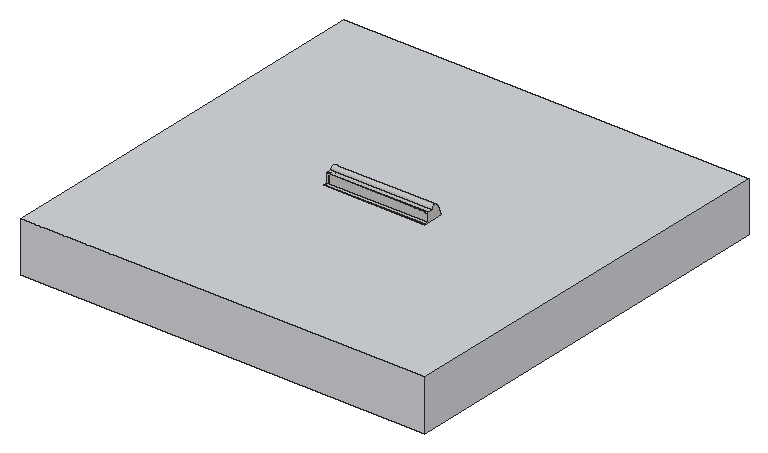
Revit family
Parameters (values of type "1110-1")
  Waste Connection = no
  WFU = 0
  Voltage = 0
  Vent Connection = no
  URL = "http://www.acorneng.com"
  Type Comments = ""
  Tempered Water Connection = no
  Revised Date = "09-19-12"
  Phone# = "626-336-4561"
  Model = "1110-1"
  Material = 304 Stainless Steel
  Manufacturer = "Acorn Engineering"
  HWFU = 0
  HW Connection = no
  Designed By = "ATS BIM Team"
  Description = "Grab Bars - Suicide Resistant"
  Default Elevation = 32.250"
  CWFU = 0
  CW Connection = no
  Assembly Code = ""
  Amperage = 0
Reference planes (in)
  plane 1 "Center (Front/Back)": y = 0
  plane 2: z = 0
  plane 3 "Center (Left/Right)": x = 0
  plane 4: y = -3.068
  plane 5: y = 1.682
  plane 6: y = -2.13
  plane 7: y = -0.755
  plane 8: z = 2.25
Forms (in)
  Extrusion 1, solid
    sketch origin (0, 0, 0) x (1, 0, 0) y (0, 1, 0)
      loop
        line (-48, 48) -> (-48, -48) -> (48, -48) -> (48, 48) -> (-48, 48)
    from 0 to -12
  Extrusion 2, solid, material "304 Stainless Steel" <- "Material"
    sketch origin (-4.87917, 0, 0) x (0, 1, 0) y (0, 0, 1)
      loop
        line (1.682, 0.125) -> (0.74239, 2.25) -> (-2.005, 2.25) -> (-2.005, 0.125) -> (1.682, 0.125)
    from 16.37917 to 16.87917
  Extrusion 3, solid, material "304 Stainless Steel" <- "Material"
    sketch origin (4.87917, 0, 0) x (0, 1, 0) y (0, 0, -1)
      loop
        line (1.682, -0.125) -> (-2.005, -0.125) -> (-2.005, -2.25) -> (0.74239, -2.25) -> (1.682, -0.125)
    from 16.37917 to 16.87917
  Extrusion 4, solid, material "304 Stainless Steel" <- "Material"
    sketch origin (-12, 0, 0) x (0, 1, 0) y (0, 0, 1)
      loop
        line (-2.005, 0.125) -> (-2.005, 2.025)
        arc (-2.005, 2.025) -> (-1.97571, 2.09571) -> (-1.905, 2.125) r 0.1
        line (-1.905, 2.125) -> (-0.75239, 2.125)
        arc (-0.75239, 2.125) -> (0.745, 2.1875) -> (-0.75239, 2.25) r 0.75
        line (-0.75239, 2.25) -> (-2.03, 2.25)
        arc (-2.03, 2.25) -> (-2.10071, 2.22071) -> (-2.13, 2.15) r 0.1
        line (-2.13, 2.15) -> (-2.13, 0.125) -> (-3.068, 0.125) -> (-3.068, 0) -> (1.682, 0) -> (1.682, 0.125) -> (-2.005, 0.125)
    from 0 to 24
Cuts and joins
  joined: Extrusion 2, Extrusion 3, Extrusion 4
Dimensions and locks (in)
  plane 4 to plane 5 = 4.750"
  plane 4 to plane 6 to plane 7 = 0.938", 1.375"
  plane 8 to plane 2 = 2.250"
  aligned and locked: plane 2 to Extrusion 1
  aligned and locked: level to Extrusion 1
